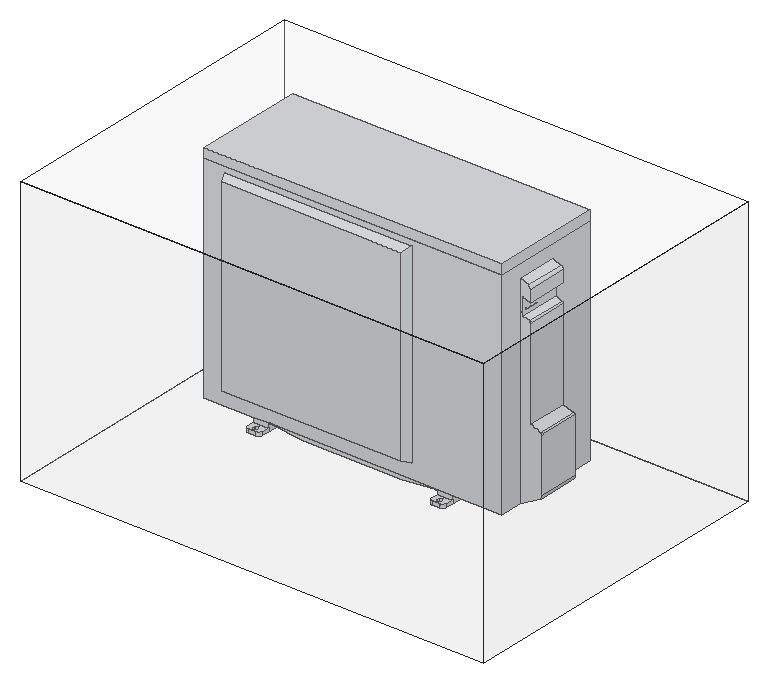
Revit family "puz-ermp40_63(s)ka11_60Hz", category 機械設備, Revit 2019 (continued)
Definition of nested family "PUZ-ZRMP-1"
  Lines and regions (mm)
    model lines, visible <- "タイプ1", detail levels fine
      curve 340: arc (-404.5, -95, 79) -> (-404.5, -98.536, 77.536) -> (-404.5, -100, 74) r 5
      curve 341: arc (-404.5, -100, 64) -> (-404.5, -98.536, 60.464) -> (-404.5, -95, 59) r 5
    model lines, visible <- "タイプ3", not visible
      curve 342: line (-404.5, -100, 907) -> (-404.5, -60, 907)
      curve 343: line (-404.5, -100, 1097) -> (-404.5, -100, 907)
      curve 344: line (-404.5, -60, 1097) -> (-404.5, -100, 1097)
      curve 345: line (-404.5, -60, 907) -> (-404.5, -60, 1097)
      curve 346: line (-404.5, 60, 907) -> (-404.5, 100, 907)
      curve 347: line (-404.5, 60, 1097) -> (-404.5, 60, 907)
      curve 348: line (-404.5, 100, 1097) -> (-404.5, 60, 1097)
      curve 349: line (-404.5, 100, 907) -> (-404.5, 100, 1097)
      curve 350: line (-404.5, -46.667, 907) -> (-404.5, -6.667, 907)
      curve 351: line (-404.5, -46.667, 1097) -> (-404.5, -46.667, 907)
      curve 352: line (-404.5, -6.667, 1097) -> (-404.5, -46.667, 1097)
      curve 353: line (-404.5, -6.667, 907) -> (-404.5, -6.667, 1097)
      curve 354: line (-404.5, 6.667, 907) -> (-404.5, 46.667, 907)
      curve 355: line (-404.5, 6.667, 1097) -> (-404.5, 6.667, 907)
      curve 356: line (-404.5, 46.667, 1097) -> (-404.5, 6.667, 1097)
      curve 357: line (-404.5, 46.667, 907) -> (-404.5, 46.667, 1097)
      curve 358: line (-404.5, -100, 1112) -> (-404.5, -60, 1112)
      curve 359: line (-404.5, -100, 1302) -> (-404.5, -100, 1112)
      curve 360: line (-404.5, -60, 1302) -> (-404.5, -100, 1302)
      curve 361: line (-404.5, -60, 1112) -> (-404.5, -60, 1302)
      curve 362: line (-404.5, 60, 1112) -> (-404.5, 100, 1112)
      curve 363: line (-404.5, 60, 1302) -> (-404.5, 60, 1112)
      curve 364: line (-404.5, 100, 1302) -> (-404.5, 60, 1302)
      curve 365: line (-404.5, 100, 1112) -> (-404.5, 100, 1302)
      curve 366: line (-404.5, -46.667, 1112) -> (-404.5, -6.667, 1112)
      curve 367: line (-404.5, -46.667, 1302) -> (-404.5, -46.667, 1112)
      curve 368: line (-404.5, -6.667, 1302) -> (-404.5, -46.667, 1302)
      curve 369: line (-404.5, -6.667, 1112) -> (-404.5, -6.667, 1302)
      curve 370: line (-404.5, 6.667, 1112) -> (-404.5, 46.667, 1112)
      curve 371: line (-404.5, 6.667, 1302) -> (-404.5, 6.667, 1112)
      curve 372: line (-404.5, 46.667, 1302) -> (-404.5, 6.667, 1302)
      curve 373: line (-404.5, 46.667, 1112) -> (-404.5, 46.667, 1302)
    model lines, visible <- "タイプ2", not visible
      curve 374: line (-600, -100, 33.5) -> (-600, -60, 33.5)
      curve 375: line (-600, -100, 73.5) -> (-600, -100, 33.5)
      curve 376: line (-600, -60, 73.5) -> (-600, -100, 73.5)
      curve 377: line (-600, -60, 33.5) -> (-600, -60, 73.5)
      curve 378: line (-600, 60, 33.5) -> (-600, 100, 33.5)
      curve 379: line (-600, 60, 73.5) -> (-600, 60, 33.5)
      curve 380: line (-600, 100, 73.5) -> (-600, 60, 73.5)
      curve 381: line (-600, 100, 33.5) -> (-600, 100, 73.5)
      curve 382: line (-509, -46.667, 33.5) -> (-509, -6.667, 33.5)
      curve 383: line (-509, -46.667, 73.5) -> (-509, -46.667, 33.5)
      curve 384: line (-509, -6.667, 73.5) -> (-509, -46.667, 73.5)
      curve 385: line (-509, -6.667, 33.5) -> (-509, -6.667, 73.5)
      curve 386: line (-509, 6.667, 33.5) -> (-509, 46.667, 33.5)
      curve 387: line (-509, 6.667, 73.5) -> (-509, 6.667, 33.5)
      curve 388: line (-509, 46.667, 73.5) -> (-509, 6.667, 73.5)
      curve 389: line (-509, 46.667, 33.5) -> (-509, 46.667, 73.5)
      curve 483: line (-404.5, -100, 33.5) -> (-404.5, -60, 33.5)
      curve 484: line (-404.5, -100, 73.5) -> (-404.5, -100, 33.5)
      curve 485: line (-404.5, -60, 73.5) -> (-404.5, -100, 73.5)
      curve 486: line (-404.5, -60, 33.5) -> (-404.5, -60, 73.5)
      curve 487: line (-404.5, 60, 33.5) -> (-404.5, 100, 33.5)
      curve 488: line (-404.5, 60, 73.5) -> (-404.5, 60, 33.5)
      curve 489: line (-404.5, 100, 73.5) -> (-404.5, 60, 73.5)
      curve 490: line (-404.5, 100, 33.5) -> (-404.5, 100, 73.5)
      curve 491: line (-404.5, -46.667, 33.5) -> (-404.5, -6.667, 33.5)
      curve 492: line (-404.5, -46.667, 73.5) -> (-404.5, -46.667, 33.5)
      curve 493: line (-404.5, -6.667, 73.5) -> (-404.5, -46.667, 73.5)
      curve 494: line (-404.5, -6.667, 33.5) -> (-404.5, -6.667, 73.5)
      curve 495: line (-404.5, 6.667, 33.5) -> (-404.5, 46.667, 33.5)
      curve 496: line (-404.5, 6.667, 73.5) -> (-404.5, 6.667, 33.5)
      curve 497: line (-404.5, 46.667, 73.5) -> (-404.5, 6.667, 73.5)
      curve 498: line (-404.5, 46.667, 33.5) -> (-404.5, 46.667, 73.5)
    model lines, not visible
      curve 390: line (-404.5, -100, 87) -> (-404.5, -60, 87)
      curve 391: line (-404.5, -100, 277) -> (-404.5, -100, 87)
      curve 392: line (-404.5, -60, 277) -> (-404.5, -100, 277)
      curve 393: line (-404.5, -60, 87) -> (-404.5, -60, 277)
      curve 394: line (-404.5, -100, 292) -> (-404.5, -60, 292)
      curve 395: line (-404.5, -100, 482) -> (-404.5, -100, 292)
      curve 396: line (-404.5, -60, 482) -> (-404.5, -100, 482)
      curve 397: line (-404.5, -60, 292) -> (-404.5, -60, 482)
      curve 398: line (-404.5, -100, 497) -> (-404.5, -60, 497)
      curve 399: line (-404.5, -100, 687) -> (-404.5, -100, 497)
      curve 400: line (-404.5, -60, 687) -> (-404.5, -100, 687)
      curve 401: line (-404.5, -60, 497) -> (-404.5, -60, 687)
      curve 402: line (-404.5, -100, 702) -> (-404.5, -60, 702)
      curve 403: line (-404.5, -100, 892) -> (-404.5, -100, 702)
      curve 404: line (-404.5, -60, 892) -> (-404.5, -100, 892)
      curve 405: line (-404.5, -60, 702) -> (-404.5, -60, 892)
      curve 406: line (-404.5, 60, 87) -> (-404.5, 100, 87)
      curve 407: line (-404.5, 60, 277) -> (-404.5, 60, 87)
      curve 408: line (-404.5, 100, 277) -> (-404.5, 60, 277)
      curve 409: line (-404.5, 100, 87) -> (-404.5, 100, 277)
      curve 410: line (-404.5, -46.667, 87) -> (-404.5, -6.667, 87)
      curve 411: line (-404.5, -46.667, 277) -> (-404.5, -46.667, 87)
      curve 412: line (-404.5, -6.667, 277) -> (-404.5, -46.667, 277)
      curve 413: line (-404.5, -6.667, 87) -> (-404.5, -6.667, 277)
      curve 414: line (-404.5, 6.667, 87) -> (-404.5, 46.667, 87)
      curve 415: line (-404.5, 6.667, 277) -> (-404.5, 6.667, 87)
      curve 416: line (-404.5, 46.667, 277) -> (-404.5, 6.667, 277)
      curve 417: line (-404.5, 46.667, 87) -> (-404.5, 46.667, 277)
      curve 418: line (-404.5, 60, 292) -> (-404.5, 100, 292)
      curve 419: line (-404.5, 60, 482) -> (-404.5, 60, 292)
      curve 420: line (-404.5, 100, 482) -> (-404.5, 60, 482)
      curve 421: line (-404.5, 100, 292) -> (-404.5, 100, 482)
      curve 422: line (-404.5, 60, 702) -> (-404.5, 100, 702)
      curve 423: line (-404.5, 60, 892) -> (-404.5, 60, 702)
      curve 424: line (-404.5, 100, 892) -> (-404.5, 60, 892)
      curve 425: line (-404.5, 100, 702) -> (-404.5, 100, 892)
      curve 426: line (-404.5, -46.667, 292) -> (-404.5, -6.667, 292)
      curve 427: line (-404.5, -46.667, 482) -> (-404.5, -46.667, 292)
      curve 428: line (-404.5, -6.667, 482) -> (-404.5, -46.667, 482)
      curve 429: line (-404.5, -6.667, 292) -> (-404.5, -6.667, 482)
      curve 430: line (-404.5, -46.667, 497) -> (-404.5, -6.667, 497)
      curve 431: line (-404.5, -46.667, 687) -> (-404.5, -46.667, 497)
      curve 432: line (-404.5, -6.667, 687) -> (-404.5, -46.667, 687)
      curve 433: line (-404.5, -6.667, 497) -> (-404.5, -6.667, 687)
      curve 434: line (-404.5, -46.667, 702) -> (-404.5, -6.667, 702)
      curve 435: line (-404.5, -46.667, 892) -> (-404.5, -46.667, 702)
      curve 436: line (-404.5, -6.667, 892) -> (-404.5, -46.667, 892)
      curve 437: line (-404.5, -6.667, 702) -> (-404.5, -6.667, 892)
      curve 438: line (-404.5, 6.667, 292) -> (-404.5, 46.667, 292)
      curve 439: line (-404.5, 6.667, 482) -> (-404.5, 6.667, 292)
      curve 440: line (-404.5, 46.667, 482) -> (-404.5, 6.667, 482)
      curve 441: line (-404.5, 46.667, 292) -> (-404.5, 46.667, 482)
      curve 442: line (-404.5, 6.667, 497) -> (-404.5, 46.667, 497)
      curve 443: line (-404.5, 6.667, 687) -> (-404.5, 6.667, 497)
      curve 444: line (-404.5, 46.667, 687) -> (-404.5, 6.667, 687)
      curve 445: line (-404.5, 46.667, 497) -> (-404.5, 46.667, 687)
      curve 446: line (-404.5, 6.667, 702) -> (-404.5, 46.667, 702)
      curve 447: line (-404.5, 6.667, 892) -> (-404.5, 6.667, 702)
      curve 448: line (-404.5, 46.667, 892) -> (-404.5, 6.667, 892)
      curve 449: line (-404.5, 46.667, 702) -> (-404.5, 46.667, 892)
      curve 450: line (-338.5, -173.2, 372.5) -> (149.5, -173.2, 372.5)
      curve 451: line (149.5, -173.2, 277.5) -> (-338.5, -173.2, 277.5)
      curve 452: line (-338.5, -173.2, 467.5) -> (149.5, -173.2, 467.5)
      curve 453: line (-338.5, -173.2, 562.5) -> (149.5, -173.2, 562.5)
      curve 454: line (149.5, -173.2, 182.5) -> (-338.5, -173.2, 182.5)
      curve 455: line (149.5, -173.2, 87.5) -> (-338.5, -173.2, 87.5)
      curve 456: line (-321.071, -173.2, 579) -> (-321.071, -173.2, 71)
      curve 457: line (132.071, -173.2, 71) -> (132.071, -173.2, 579)
      curve 458: line (-303.643, -173.2, 579) -> (-303.643, -173.2, 71)
      curve 459: line (-286.214, -173.2, 579) -> (-286.214, -173.2, 71)
      curve 460: line (-268.786, -173.2, 579) -> (-268.786, -173.2, 71)
      curve 461: line (-251.357, -173.2, 579) -> (-251.357, -173.2, 71)
      curve 462: line (-233.929, -173.2, 579) -> (-233.929, -173.2, 71)
      curve 463: line (-216.5, -173.2, 579) -> (-216.5, -173.2, 71)
      curve 464: line (-199.071, -173.2, 579) -> (-199.071, -173.2, 71)
      curve 465: line (-181.643, -173.2, 579) -> (-181.643, -173.2, 71)
      curve 466: line (-164.214, -173.2, 579) -> (-164.214, -173.2, 71)
      curve 467: line (-146.786, -173.2, 579) -> (-146.786, -173.2, 71)
      curve 468: line (-129.357, -173.2, 579) -> (-129.357, -173.2, 71)
      curve 469: line (-111.929, -173.2, 579) -> (-111.929, -173.2, 71)
      curve 470: line (-94.5, -173.2, 579) -> (-94.5, -173.2, 71)
      curve 471: line (-77.071, -173.2, 579) -> (-77.071, -173.2, 71)
      curve 472: line (-59.643, -173.2, 579) -> (-59.643, -173.2, 71)
      curve 473: line (-42.214, -173.2, 579) -> (-42.214, -173.2, 71)
      curve 474: line (-24.786, -173.2, 579) -> (-24.786, -173.2, 71)
      curve 475: line (-7.357, -173.2, 579) -> (-7.357, -173.2, 71)
      curve 476: line (10.071, -173.2, 579) -> (10.071, -173.2, 71)
      curve 477: line (27.5, -173.2, 579) -> (27.5, -173.2, 71)
      curve 478: line (44.929, -173.2, 579) -> (44.929, -173.2, 71)
      curve 479: line (62.357, -173.2, 579) -> (62.357, -173.2, 71)
      curve 480: line (79.786, -173.2, 579) -> (79.786, -173.2, 71)
      curve 481: line (97.214, -173.2, 579) -> (97.214, -173.2, 71)
      curve 482: line (114.643, -173.2, 579) -> (114.643, -173.2, 71)
    symbolic lines, visible <- "タイプ1"
      curve 499: line (-278.151, 150, 630) -> (-404.5, 150, 630)
      curve 500: line (-404.5, 150, 630) -> (-404.5, -5.599, 630)
      curve 501: line (-404.5, 40, 630) -> (-424.5, 30, 630)
      curve 502: line (-424.5, 30, 630) -> (-424.5, -30, 630)
      curve 503: line (-424.5, -30, 630) -> (-404.5, -40, 630)
      curve 504: line (-404.5, -5.599, 630) -> (-404.5, -150, 630)
      curve 505: line (-404.5, -150, 630) -> (-301.612, -150, 630)
      curve 506: arc (-269.474, -173.2, 630) -> (-265.831, -178.124, 630) -> (-260, -180, 630) r 10
      curve 507: line (-260, -180, 630) -> (-240, -180, 630)
      curve 508: arc (-240, -180, 630) -> (-234.169, -178.124, 630) -> (-230.526, -173.2, 630) r 10
      curve 509: line (-301.612, -150, 630) -> (280.999, -150, 630)
      curve 510: line (230, -150, 630) -> (230, -170, 630)
      curve 511: arc (230, -170, 630) -> (232.929, -177.071, 630) -> (240, -180, 630) r 10
      curve 512: line (240, -180, 630) -> (260, -180, 630)
      curve 513: arc (260, -180, 630) -> (267.071, -177.071, 630) -> (270, -170, 630) r 10
      curve 514: line (270, -170, 630) -> (270, -150, 630)
      curve 515: line (280.999, -150, 630) -> (404.5, -150, 630)
      curve 516: line (404.5, -150, 630) -> (404.5, -77.105, 630)
      curve 517: line (404.5, -90, 630) -> (466.5, -90, 630)
      curve 518: line (466.5, -90, 630) -> (466.5, 20, 630)
      curve 519: line (466.5, 20, 630) -> (404.5, 20, 630)
      curve 520: line (404.5, -77.105, 630) -> (404.5, 150, 630)
      curve 521: line (404.5, 150, 630) -> (308.975, 150, 630)
      curve 522: line (270, 150, 630) -> (270, 180, 630)
      curve 523: line (270, 180, 630) -> (230, 180, 630)
      curve 524: line (230, 180, 630) -> (230, 150, 630)
      curve 525: line (308.975, 150, 630) -> (-278.151, 150, 630)
      curve 526: line (-230, 150, 630) -> (-230, 180, 630)
      curve 527: line (-230, 180, 630) -> (-270, 180, 630)
      curve 528: line (-270, 180, 630) -> (-270, 150, 630)
      curve 529: line (-324.5, 100, 630) -> (324.5, 100, 630)
      curve 530: line (-324.5, 40, 630) -> (-324.5, 100, 630)
      curve 531: line (324.5, 40, 630) -> (-324.5, 40, 630)
      curve 532: line (324.5, 100, 630) -> (324.5, 40, 630)
      curve 533: line (324.5, 30, 630) -> (-324.5, 30, 630)
      curve 534: line (324.5, -30, 630) -> (324.5, 30, 630)
      curve 535: line (-324.5, -30, 630) -> (324.5, -30, 630)
      curve 536: line (-324.5, 30, 630) -> (-324.5, -30, 630)
      curve 537: line (-324.5, -40, 630) -> (324.5, -40, 630)
      curve 538: line (-324.5, -100, 630) -> (-324.5, -40, 630)
      curve 539: line (324.5, -100, 630) -> (-324.5, -100, 630)
      curve 540: line (324.5, -40, 630) -> (324.5, -100, 630)
      curve 541: line (339.5, 100, 630) -> (354.5, 100, 630)
      curve 542: line (339.5, -100, 630) -> (339.5, 100, 630)
      curve 543: line (354.5, -100, 630) -> (339.5, -100, 630)
      curve 544: line (354.5, 100, 630) -> (354.5, -100, 630)
      curve 545: line (-354.5, 100, 630) -> (-339.5, 100, 630)
      curve 546: line (-354.5, -100, 630) -> (-354.5, 100, 630)
      curve 547: line (-339.5, -100, 630) -> (-354.5, -100, 630)
      curve 548: line (-339.5, 100, 630) -> (-339.5, -100, 630)
      curve 549: line (-338.5, -173.2, 630) -> (149.5, -173.2, 630)
      curve 550: line (149.5, -173.2, 630) -> (159.5, -150, 630)
      curve 551: line (-348.5, -150, 630) -> (-338.5, -173.2, 630)
  Dimensions and locks
    equal spacing: plane 8, plane 1 "中心(正面/背面)", plane 7
    "奥行き": plane 8 to plane 7
    equal spacing: plane 5, plane 3 "中心(左/右)", plane 6
    "幅さ": plane 5 to plane 6
    "高さ": plane 4 to level
    locked: plane 6 to plane 9 at 62
    locked: plane 8 to plane 10 at 60
    locked: plane 8 to plane 11 at 170
    locked: plane 4 to plane 12 at 25
    locked: plane 13 to plane 5 at 20
    "吊りボルト-D": plane 17 to plane 16
    equal spacing: plane 17, plane 1 "中心(正面/背面)", plane 16
    equal spacing: plane 14, plane 3 "中心(左/右)", plane 15
    "吊りボルト-W": plane 14 to plane 15
    plane 21 to plane 14 to plane 20 = 20 mm locked, 20 mm locked
    plane 19 to plane 15 to plane 18 = 20 mm locked, 20 mm locked
    locked: plane 16 to plane 22 at 15
    locked: plane 23 to plane 17 at 15
    locked: plane 24 to level at 8.5
    locked: plane 25 to level at 20
    locked: plane 26 to plane 24 at 3
    locked: plane 4 to plane 29 at 5
    plane 7 to plane 1 "中心(正面/背面)" to plane 8 = 150 mm, 150 mm
    plane 31 to plane 1 "中心(正面/背面)" to plane 30 = 40 mm locked, 40 mm locked
    plane 33 to plane 1 "中心(正面/背面)" to plane 32 = 30 mm locked, 30 mm locked
    locked: plane 34 to plane 12 at 5
    locked: plane 35 to level at 55
    locked: plane 36 to level at 225
    equal spacing: plane 6, plane 39, plane 9
    locked: plane 6 to plane 38 at 10
    locked: plane 20 to plane 27 at 95
    locked: plane 28 to plane 19 at 95
    "換気-D": plane 40 to plane 8
    "換気-W": plane 41 to plane 5
    "換気-H1": plane 42 to level
    plane 43 to plane 41 to plane 44 = 254 mm locked, 254 mm locked
    plane 45 to plane 42 to plane 46 = 264 mm locked, 264 mm locked
    locked: plane 43 to plane 48 at 10
    locked: plane 47 to plane 44 at 10
    locked: plane 45 to plane 49 at 10
    locked: plane 50 to plane 46 at 10
    locked: curve 26 to plane 50 at 16.5
    locked: plane 49 to curve 24 at 16.5
    equal spacing: curve 24, curve 23, curve 21, curve 22, curve 25, curve 26
    equal spacing: plane 48, curve 28, curve 53, curve 52, curve 51, curve 50, curve 49, curve 48, curve 47, curve 46, curve 45, curve 44, curve 43, curve 42, curve 41, curve 40, curve 39, curve 38, curve 37, curve 36, curve 35, curve 34, curve 33, curve 32, curve 31, curve 30, curve 29, curve 27, plane 47
    locked: curve 4 to curve 6 at 10
    locked: curve 3 to curve 5 at 10
    locked: plane 51 to plane 7 at 50
    locked: plane 8 to plane 52 at 50
    equal spacing: group 1, group 2, group 3, group 4, group 5, group 6, group 7, group 8, group 9, group 10, group 11, group 12, group 13, group 14, group 15, group 16, group 17, group 18  (x2)
    equal spacing: group 18, group 17, group 16, group 15, group 14, group 13, group 12, group 11, group 10, group 9, group 8, group 7, group 6, group 5, group 4, group 3, group 2, group 1
    "ドレン管径-X": plane 5 to plane 53
    "ドレン管径-Y": plane 8 to plane 54
    "配線取出口-Y": plane 57 to plane 7
    "冷媒液管径-Y": plane 58 to plane 7
    "冷媒ガス管径-Y": plane 59 to plane 7
    "配線取出口-X": plane 3 "中心(左/右)" to plane 56
    "冷媒ガス管径-X": plane 3 "中心(左/右)" to plane 55
    "冷媒液管径-X": plane 3 "中心(左/右)" to plane 60
    "冷媒液管径-Z": plane 62 to level
    "冷媒ガス管径-Z": plane 61 to level
    "配線取出口-Z": plane 63 to level
    locked: plane 57 to plane 64 at 50
    locked: plane 65 to plane 61 at 37.8
    locked: plane 66 to plane 62 at 16.1
    equal spacing: plane 55, plane 67, plane 60
    equal spacing: plane 58, plane 68, plane 59
    "a": plane 69 "グループ" to plane 3 "中心(左/右)"
    plane 71 to level = 943 mm
    plane 70 to level = 1338 mm
    locked: plane 37 to level at 570
    curve 21 to plane 42 to curve 22 = 47.5 mm locked, 47.5 mm locked
    "換気-H2": plane 72 to plane 42
    plane 73 to plane 72 to plane 74 = 264 mm locked, 264 mm locked
    locked: plane 76 to plane 74 at 10
    locked: plane 73 to plane 75 at 10
    plane 48 to plane 47 = 488 mm
    plane 68 to plane 7 = 185.5 mm
    plane 61 to level = 99.5 mm
    plane 65 to plane 61 = 37.8 mm
    plane 62 to level = 164.5 mm
    plane 66 to plane 62 = 16.1 mm
    plane 68 to plane 77 to plane 78 = 23 mm locked, 17.5 mm locked
    plane 68 to plane 77 = 23 mm
    plane 77 to plane 78 = 17.5 mm
    equal spacing: plane 77, plane 79, plane 78
    "ドレン配管サイズ": diameter of Extrusion 3 sketch curve
    "配線取出口サイズ": diameter of Extrusion 9 sketch curve
    "吊りボルト-φ": diameter of Extrusion 10 sketch curve  (x4)
    "冷媒配管サイズ": diameter of Sweep 11 sketch curve
    "ガス配管サイズ": diameter of Sweep 12 sketch curve
    aligned and locked: level to plane 2
    aligned and locked: Extrusion 1 to level
    aligned and locked: plane 25 to Extrusion 1
    aligned and locked: Extrusion 2 sketch curve to plane 25
    aligned and locked: Extrusion 2 sketch curve to plane 26
    aligned and locked: Extrusion 2 to plane 7
    aligned and locked: plane 8 to Extrusion 2
    aligned and locked: Extrusion 3 to plane 26
    aligned and locked: Extrusion 3 to plane 24
    aligned and locked: Extrusion 4 sketch curve to plane 7
    aligned and locked: Extrusion 4 sketch curve to plane 8
    aligned and locked: Extrusion 4 sketch curve to plane 5
    aligned and locked: Extrusion 4 sketch curve to plane 6
    aligned and locked: Extrusion 4 to plane 25
    aligned and locked: plane 12 to Extrusion 4
    aligned and locked: Extrusion 5 sketch curve to Extrusion 4  (x4)
    aligned and locked: Extrusion 5 to plane 12
    aligned and locked: plane 4 to Extrusion 5
    aligned and locked: plane 29 to Blend 6 sketch curve
    aligned and locked: Blend 6 sketch curve to plane 31
    aligned and locked: Blend 6 sketch curve to plane 12  (x2)
    aligned and locked: plane 30 to Blend 6 sketch curve
    aligned and locked: plane 34 to Blend 6 sketch curve
    aligned and locked: Blend 6 sketch curve to plane 33
    aligned and locked: plane 32 to Blend 6 sketch curve
    aligned and locked: Blend 6 to plane 13
    aligned and locked: plane 5 to Blend 6
    aligned and locked: Extrusion 7 sketch curve to plane 6
    aligned and locked: Extrusion 7 sketch curve to plane 9
    aligned and locked: Extrusion 7 sketch curve to plane 39
    aligned and locked: Extrusion 7 sketch curve to Extrusion 7 sketch curve
    aligned and locked: Extrusion 7 sketch curve to plane 38
    aligned and locked: Extrusion 7 to plane 11
    aligned and locked: plane 10 to Extrusion 7
    aligned and locked: Blend 8 sketch curve to plane 45
    aligned and locked: Blend 8 sketch curve to plane 46
    aligned and locked: Blend 8 sketch curve to plane 44
    aligned and locked: Blend 8 sketch curve to plane 43
    aligned and locked: Blend 8 sketch curve to plane 49
    aligned and locked: Blend 8 sketch curve to plane 47
    aligned and locked: Blend 8 sketch curve to plane 48
    aligned and locked: Blend 8 sketch curve to plane 50
    aligned and locked: Blend 8 to plane 8
    aligned and locked: plane 40 to Blend 8
    aligned and locked: curve 17 to plane 51
    aligned and locked: curve 1 to plane 51
    aligned and locked: plane 51 to curve 19
    aligned and locked: curve 18 to plane 52
    aligned and locked: plane 52 to curve 2
    aligned and locked: plane 52 to curve 20
    aligned and locked: plane 53 to Extrusion 3 sketch curve
    aligned and locked: plane 54 to Extrusion 3 sketch curve
    aligned and locked: plane 63 to Extrusion 9 sketch curve
    aligned and locked: plane 56 to Extrusion 9 sketch curve
    aligned and locked: plane 57 to Extrusion 9
    aligned and locked: Extrusion 9 to plane 64
    aligned and locked: plane 22 to Extrusion 10 sketch curve  (x4)
    aligned and locked: plane 21 to Extrusion 10 sketch curve
    aligned and locked: Extrusion 2 to Extrusion 10 sketch curve  (x2)
    aligned and locked: Extrusion 10 sketch curve to Extrusion 1  (x6)
    aligned and locked: plane 19 to Extrusion 10 sketch curve
    aligned and locked: Extrusion 10 sketch curve to plane 23  (x2)
    aligned and locked: Extrusion 10 sketch curve to plane 18
    aligned and locked: Extrusion 10 sketch curve to plane 20
    aligned and locked: plane 16 to Extrusion 10 sketch curve  (x2)
    aligned and locked: plane 14 to Extrusion 10 sketch curve  (x2)
    aligned and locked: plane 17 to Extrusion 10 sketch curve  (x2)
    aligned and locked: plane 15 to Extrusion 10 sketch curve  (x2)
    aligned and locked: level to Extrusion 10
    aligned and locked: plane 24 to Extrusion 10
    aligned and locked: Masking region 1 sketch curve to Extrusion 5  (x4)
    aligned and locked: Masking region 1 sketch curve to Blend 6  (x3)
    aligned and locked: Masking region 1 sketch curve to Extrusion 7  (x2)
    aligned and locked: Masking region 1 sketch curve to plane 9
    aligned and locked: Masking region 1 sketch curve to Extrusion 10  (x8)
    aligned and locked: Masking region 1 to curve 499
    aligned and locked: curve 500 to Masking region 1
    aligned and locked: curve 501 to Masking region 1
    aligned and locked: curve 502 to Masking region 1
    aligned and locked: curve 503 to Masking region 1
    aligned and locked: curve 504 to Masking region 1
    aligned and locked: curve 505 to Masking region 1
    aligned and locked: curve 506 to Masking region 1
    aligned and locked: curve 508 to Masking region 1
    aligned and locked: curve 510 to Masking region 1
    aligned and locked: curve 511 to Masking region 1
    aligned and locked: curve 513 to Masking region 1
    aligned and locked: Masking region 1 to curve 515
    aligned and locked: curve 516 to Masking region 1
    aligned and locked: curve 517 to Masking region 1
    aligned and locked: curve 518 to Masking region 1
    aligned and locked: curve 519 to Masking region 1
    aligned and locked: curve 520 to Masking region 1
    aligned and locked: curve 521 to Masking region 1
    aligned and locked: curve 522 to Masking region 1
    aligned and locked: curve 523 to Masking region 1
    aligned and locked: curve 524 to Masking region 1
    aligned and locked: curve 525 to Masking region 1
    aligned and locked: curve 526 to Masking region 1
    aligned and locked: curve 527 to Masking region 1
    aligned and locked: curve 528 to Masking region 1
    aligned and locked: curve 532 to curve 12
    aligned and locked: Masking region 1 sketch curve to curve 21
    aligned and locked: Masking region 1 sketch curve to Blend 8  (x2)
    aligned and locked: curve 549 to Blend 8
    aligned and locked: curve 550 to Blend 8
    aligned and locked: curve 551 to Blend 8
    aligned and locked: plane 78 to Sweep 12 sketch curve
    aligned and locked: plane 58 to Sweep 12 sketch curve
    aligned and locked: plane 77 to Sweep 11 sketch curve
    aligned and locked: plane 58 to Sweep 11 sketch curve
    aligned and locked: plane 61 to Sweep 12 sketch curve
  Automatic sketch dimensions
    Extrusion 2 sketch curve to plane 20 = 0 mm
    Extrusion 2 sketch curve to plane 27 = 0 mm
    Extrusion 2 sketch curve to plane 28 = 0 mm
    Extrusion 2 sketch curve to plane 19 = 0 mm
    Extrusion 7 sketch curve to plane 39 = 0 mm
    Extrusion 7 sketch curve to plane 25 = 0 mm
    Extrusion 7 sketch curve to plane 36 = 0 mm
    Extrusion 7 sketch curve to plane 37 = 0 mm
    Extrusion 7 sketch curve to Extrusion 7 sketch curve = 10 mm
    Extrusion 7 sketch curve to plane 39 = 6.58 mm
    Extrusion 7 sketch curve to Extrusion 7 sketch curve = 5 mm  (x2)
    plane 39 to Extrusion 7 sketch curve = 21 mm
    Extrusion 7 sketch curve to plane 39 = 3.29 mm
    Extrusion 7 sketch curve to plane 9 = 3.29 mm
    Extrusion 7 sketch curve to plane 35 = 2.87 mm
    Extrusion 7 sketch curve to Extrusion 7 sketch curve = 81.633 mm
    Extrusion 7 sketch curve to Extrusion 7 sketch curve = 30.244 mm
    Extrusion 7 sketch curve to Extrusion 7 sketch curve = 7.643 mm
    plane 7 to Extrusion 1 sketch curve = 0 mm  (x2)
    Extrusion 1 sketch curve to plane 18 = 0 mm
    plane 8 to Extrusion 1 sketch curve = 0 mm  (x2)
    Extrusion 1 sketch curve to plane 19 = 0 mm
    Extrusion 1 sketch curve to plane 20 = 0 mm
    Extrusion 1 sketch curve to plane 21 = 0 mm
    curve 383 to curve 384 = 40 mm
    curve 382 to curve 386 = 13.333 mm
    curve 386 to curve 386 = 40 mm
    curve 382 to curve 389 = 0 mm
    curve 382 to curve 384 = 40 mm
    curve 384 to curve 387 = 0 mm
    curve 375 to curve 376 = 40 mm
    curve 374 to curve 378 = 120 mm
    curve 378 to curve 378 = 40 mm
    curve 374 to curve 381 = 0 mm
    curve 374 to curve 376 = 40 mm
    curve 378 to curve 379 = 40 mm
    curve 25 to plane 47 = 0 mm
    curve 24 to plane 47 = 0 mm
    curve 22 to plane 47 = 0 mm
    curve 23 to plane 47 = 0 mm
    curve 26 to plane 47 = 0 mm
    curve 21 to plane 47 = 0 mm
    curve 24 to plane 48 = 0 mm
    curve 25 to plane 48 = 0 mm
    curve 26 to plane 48 = 0 mm
    curve 23 to plane 48 = 0 mm
    curve 22 to plane 48 = 0 mm
    curve 21 to plane 48 = 0 mm
    curve 37 to plane 50 = 0 mm
    curve 52 to plane 50 = 0 mm
    curve 51 to plane 50 = 0 mm
    curve 50 to plane 50 = 0 mm
    curve 49 to plane 50 = 0 mm
    curve 48 to plane 50 = 0 mm
    curve 47 to plane 50 = 0 mm
    curve 46 to plane 50 = 0 mm
    curve 45 to plane 50 = 0 mm
    curve 44 to plane 50 = 0 mm
    curve 43 to plane 50 = 0 mm
    curve 42 to plane 50 = 0 mm
    curve 41 to plane 50 = 0 mm
    curve 27 to plane 50 = 0 mm
    curve 28 to plane 50 = 0 mm
    curve 40 to plane 50 = 0 mm
    curve 39 to plane 50 = 0 mm
    curve 29 to plane 50 = 0 mm
    curve 38 to plane 50 = 0 mm
    curve 30 to plane 50 = 0 mm
    curve 53 to plane 50 = 0 mm
    curve 31 to plane 50 = 0 mm
    curve 36 to plane 50 = 0 mm
    curve 32 to plane 50 = 0 mm
    curve 35 to plane 50 = 0 mm
    curve 33 to plane 50 = 0 mm
    curve 34 to plane 50 = 0 mm
    curve 28 to plane 49 = 0 mm
    curve 41 to plane 49 = 0 mm
    curve 27 to plane 49 = 0 mm
    curve 42 to plane 49 = 0 mm
    curve 31 to plane 49 = 0 mm
    curve 40 to plane 49 = 0 mm
    curve 37 to plane 49 = 0 mm
    curve 39 to plane 49 = 0 mm
    curve 32 to plane 49 = 0 mm
    curve 45 to plane 49 = 0 mm
    curve 36 to plane 49 = 0 mm
    curve 46 to plane 49 = 0 mm
    curve 43 to plane 49 = 0 mm
    curve 47 to plane 49 = 0 mm
    curve 29 to plane 49 = 0 mm
    curve 48 to plane 49 = 0 mm
    curve 30 to plane 49 = 0 mm
    curve 49 to plane 49 = 0 mm
    curve 44 to plane 49 = 0 mm
    curve 50 to plane 49 = 0 mm
    curve 33 to plane 49 = 0 mm
    curve 51 to plane 49 = 0 mm
    curve 35 to plane 49 = 0 mm
    curve 52 to plane 49 = 0 mm
    curve 38 to plane 49 = 0 mm
    curve 53 to plane 49 = 0 mm
    curve 34 to plane 49 = 0 mm
    Masking region 1 sketch curve to plane 5 = 0 mm
    Masking region 1 sketch curve to plane 6 = 0 mm
    plane 7 to Masking region 1 sketch curve = 0 mm  (x2)
    Masking region 1 sketch curve to plane 15 = 10 mm
    Masking region 1 sketch curve to plane 19 = 0 mm
    plane 8 to Masking region 1 sketch curve = 0 mm  (x2)
    plane 32 to curve 535 = 0 mm
    plane 33 to curve 534 = 0 mm
    curve 541 to plane 56 = 45.5 mm
    curve 13 to curve 20 = 15 mm
    plane 18 to curve 535 = 54.5 mm
    curve 532 to curve 6 = 0 mm
    curve 537 to curve 5 = 0 mm
    plane 47 to curve 536 = 14 mm
    plane 47 to curve 538 = 14 mm
    plane 47 to curve 1 = 14 mm
    curve 16 to plane 47 = 1 mm
    curve 15 to plane 44 = 6 mm
    plane 1 "中心(正面/背面)" to curve 504 = 5.599 mm
    curve 528 to curve 499 = 8.151 mm
    curve 521 to curve 522 = 38.975 mm
    curve 516 to plane 10 = 12.895 mm
    curve 515 to curve 514 = 10.999 mm
    plane 40 to Masking region 1 sketch curve = 0 mm
    Masking region 1 sketch curve to plane 40 = 3.2 mm  (x2)
    Masking region 1 sketch curve to plane 14 = 10 mm
    Masking region 1 sketch curve to plane 20 = 0.526 mm
    curve 509 to plane 21 = 31.612 mm
    plane 40 to curve 506 = 0 mm
    plane 40 to curve 508 = 0 mm
    Sweep 12 sketch curve to plane 65 = 0 mm
    Sweep 11 sketch curve to plane 62 = 0 mm
    Sweep 11 sketch curve to plane 66 = 0 mm
    plane 17 to Extrusion 10 sketch curve = 0 mm  (x2)
    Extrusion 10 sketch curve to plane 40 = 3.2 mm  (x5)
    Extrusion 10 sketch curve to plane 15 = 10 mm
    Extrusion 10 sketch curve to Extrusion 10 sketch curve = 0 mm
    Sweep 11 sketch curve to plane 67 = 0 mm
    Sweep 11 sketch curve to profile plane = 0 mm
    Sweep 12 sketch curve to plane 67 = 0 mm
    Sweep 12 sketch curve to profile plane = 0 mm
Definition of nested family "固定点"
  Parameters (values of type "固定点")
    中心円 = if(W > 599 mm, 12 mm, 10 mm)  # 12 mm
    W = 1000 mm
    D = 1000 mm
  Reference planes
    plane 1 "中心(正面/背面)": y = 0
    plane 2: z = 0
    plane 3 "中心(左/右)": x = 0
    plane 4: x = 1000
    plane 5: y = 1000
  Lines and regions (mm)
    symbolic lines, detail levels fine
      curve 1: circle (0, 1000, 0) r 6 normal (0, 0, 1)
      curve 2: circle (0, 0, 0) r 6 normal (0, 0, 1)
      curve 3: circle (1000, 1000, 0) r 6 normal (0, 0, 1)
      curve 4: circle (1000, 0, 0) r 6 normal (0, 0, 1)
      curve 5: line (-200, 1000, 0) -> (1200, 1000, 0)
      curve 6: line (-200, 0, 0) -> (1200, 0, 0)
      curve 7: line (0, 1200, 0) -> (0, -200, 0)
      curve 8: line (1000, 1200, 0) -> (1000, -200, 0)
  Dimensions and locks
    "W": plane 3 "中心(左/右)" to plane 4
    "D": plane 1 "中心(正面/背面)" to plane 5
    "中心円": diameter of curve 1
    "中心円": diameter of curve 2
    "中心円": diameter of curve 3
    "中心円": diameter of curve 4
    aligned and locked: level to plane 2
    aligned and locked: plane 5 to curve 1
    aligned and locked: plane 3 "中心(左/右)" to curve 1
    aligned and locked: plane 3 "中心(左/右)" to curve 2
    aligned and locked: plane 1 "中心(正面/背面)" to curve 2
    aligned and locked: plane 4 to curve 3
    aligned and locked: plane 5 to curve 3
    aligned and locked: plane 1 "中心(正面/背面)" to curve 4
    aligned and locked: plane 4 to curve 4
    aligned and locked: plane 1 "中心(正面/背面)" to curve 6
    aligned and locked: curve 7 to plane 3 "中心(左/右)"
    aligned and locked: curve 8 to plane 4
  Automatic sketch dimensions
    curve 5 to plane 5 = 0 mm
    curve 6 to plane 3 "中心(左/右)" = 200 mm
    curve 5 to plane 3 "中心(左/右)" = 200 mm
    curve 4 to curve 6 = 200 mm
    curve 3 to curve 5 = 200 mm
    plane 1 "中心(正面/背面)" to curve 8 = 200 mm
    plane 1 "中心(正面/背面)" to curve 7 = 200 mm
    curve 3 to curve 8 = 200 mm
    curve 1 to curve 7 = 200 mm
Types (11, lengths in mm): name | 音響パワーレベル（冷）(dB) | 音響パワーレベル(dB) | 電動機出力_圧縮機 | 質量 | 製品質量 | 相 | 消費電力_暖房 | 消費電力_冷房 | 消費電力 | 構成品番 | 極数 | 暖房能力 | 推奨ブレーカー容量 | 価格 | 冷房能力 | URL
  (no name) | 64 | 66 | 0.7 kW | 45.60 kg | 38.00 kg | 3 | 0.871 kW | 0.759 kW | 0.871 kW | "PUZ-ERMP40KA" | 3 | 4 kW | 15 A | 450000 | 3.6 kW | "https://www.mitsubishielectric.co.jp/ldg/wink/ssl/displayProduct.do?pid=311553"
  PUZ-ERMP40KA11 | 64 | 66 | 0.7 kW | 45.60 kg | 38.00 kg | 3 | 0.871 kW | 0.759 kW | 0.871 kW | "PUZ-ERMP40KA" | 3 | 4 kW | 15 A | 450000 | 3.6 kW | "https://www.mitsubishielectric.co.jp/ldg/wink/ssl/displayProduct.do?pid=311553"
  PUZ-ERMP40SKA11 | 64 | 66 | 0.7 kW | 48.00 kg | 40.00 kg | 1 | 0.871 kW | 0.759 kW | 0.871 kW | "PUZ-ERMP40SKA" | 1 | 4 kW | 20 A | 450000 | 3.6 kW | "https://www.mitsubishielectric.co.jp/ldg/wink/ssl/displayProduct.do?pid=311420"
  PUZ-ERMP45SKA11 | 64 | 66 | 0.9 kW | 48.00 kg | 40.00 kg | 1 | 1.05 kW | 0.91 kW | 1.05 kW | "PUZ-ERMP45SKA" | 1 | 4.5 kW | 20 A | 491000 | 4 kW | "https://www.mitsubishielectric.co.jp/ldg/wink/ssl/displayProduct.do?pid=311426"
  PUZ-ERMP45KA11 | 64 | 66 | 0.9 kW | 45.60 kg | 38.00 kg | 3 | 1.05 kW | 0.91 kW | 1.05 kW | "PUZ-ERMP45KA" | 3 | 4.5 kW | 15 A | 491000 | 4 kW | "https://www.mitsubishielectric.co.jp/ldg/wink/ssl/displayProduct.do?pid=311425"
  PUZ-ERMP50SKA11 | 65 | 67 | 1 kW | 48.00 kg | 40.00 kg | 1 | 1.17 kW | 1.05 kW | 1.17 kW | "PUZ-ERMP50SKA" | 1 | 5 kW | 20 A | 528000 | 4.5 kW | "https://www.mitsubishielectric.co.jp/ldg/wink/ssl/displayProduct.do?pid=311432"
  PUZ-ERMP50KA11 | 65 | 67 | 1 kW | 45.60 kg | 38.00 kg | 3 | 1.17 kW | 1.05 kW | 1.17 kW | "PUZ-ERMP50KA" | 3 | 5 kW | 15 A | 528000 | 4.5 kW | "https://www.mitsubishielectric.co.jp/ldg/wink/ssl/displayProduct.do?pid=311431"
  PUZ-ERMP56SKA11 | 65 | 67 | 1.2 kW | 48.00 kg | 40.00 kg | 1 | 1.34 kW | 1.26 kW | 1.34 kW | "PUZ-ERMP56SKA" | 1 | 5.6 kW | 20 A | 556000 | 5 kW | "https://www.mitsubishielectric.co.jp/ldg/wink/ssl/displayProduct.do?pid=311438"
  PUZ-ERMP56KA11 | 65 | 67 | 1.2 kW | 45.60 kg | 38.00 kg | 3 | 1.34 kW | 1.26 kW | 1.34 kW | "PUZ-ERMP56KA" | 3 | 5.6 kW | 15 A | 556000 | 5 kW | "https://www.mitsubishielectric.co.jp/ldg/wink/ssl/displayProduct.do?pid=311437"
  PUZ-ERMP63SKA11 | 65 | 67 | 1.3 kW | 48.00 kg | 40.00 kg | 1 | 1.4 kW | 1.38 kW | 1.4 kW | "PUZ-ERMP63SKA" | 1 | 6.3 kW | 30 A | 610000 | 5.6 kW | "https://www.mitsubishielectric.co.jp/ldg/wink/ssl/displayProduct.do?pid=311341"
  PUZ-ERMP63KA11 | 65 | 67 | 1.3 kW | 46.80 kg | 39.00 kg | 3 | 1.4 kW | 1.38 kW | 1.4 kW | "PUZ-ERMP63KA" | 3 | 6.3 kW | 15 A | 610000 | 5.6 kW | "https://www.mitsubishielectric.co.jp/ldg/wink/ssl/displayProduct.do?pid=311443"
